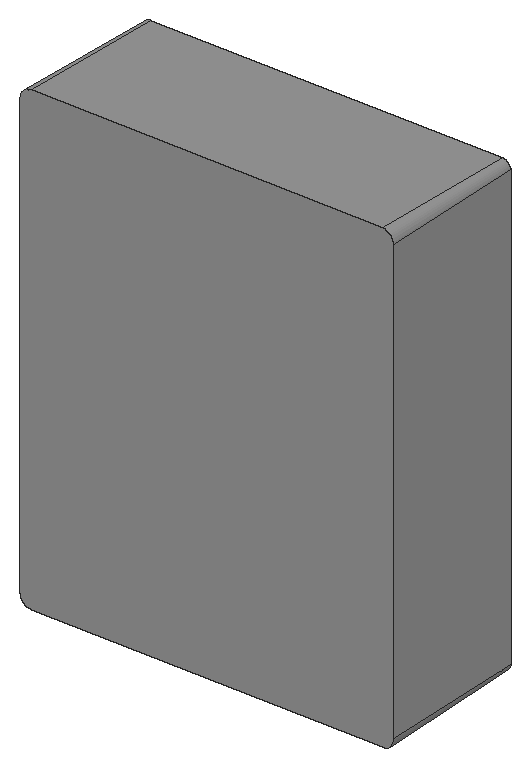
Revit family "L&L_LUCE&LIGHT_PASITO_MINI_1.2", category Lighting Fixtures, host Wall, Revit 2018 (continued)
Types (2, lengths in cm): name | Photometric Web File | built-in parameter 1150142
    0.00 0.00 0.00 0.00 0.00 0.00 0.00 0.00 \r\n0.00 0.00 0.00 0.00 0.00 0.00 0.00 0.00 0.00 0.00 0.00 \r\n0.00 0.00 0.00 0.00 0.00 0.00 0.00 0.00 0.00 0.00 0.00 \r\n0.00 0.00 0.00 0.00 0.00 0.00 0.00 0.00 0.00 0.00 0.00 \r\n0.00 0.00 0.00 0.00 0.00 0.00 0.00 0.00 0.00 0.00 0.00 \r\n0.00 0.00 0.00 0.00 0.00 0.00 0.00 0.00 0.00 0.00 0.00 \r\n0.00 0.00 0.00 0.00 0.00 \r\n0.00 0.00 0.00 0.00 0.00 0.00 0.00 0.00 0.00 0.00 0.00 \r\n0.00 0.00 0.00 0.00 0.00 0.00 0.00 0.00 0.00 0.00 0.00 \r\n0.00 0.00 0.00 0.00 0.00 0.00 0.00 0.00 0.00 0.00 0.00 \r\n0.00 0.00 0.00 0.00 0.00 0.00 0.00 0.00 0.00 0.00 0.00 \r\n0.00 0.00 0.00 0.00 0.00 0.00 0.00 0.00 0.00 0.00 0.00 \r\n0.00 0.00 0.00 0.00 0.00 0.00 0.00 0.00 0.00 0.00 0.00 \r\n0.00 0.00 0.00 0.00 0.00 0.00 0.00 0.00 0.00 0.00 0.00 \r\n0.00 0.00 0.00 0.00 0.00 0.00 0.00 0.00 0.00 0.00 0.00 \r\n0.00 0.00 0.00 0.00 0.00 0.00 0.00 0.00 0.00 0.00 0.00 \r\n0.00 0.00 0.00 0.00 0.00 0.00 0.00 0.00 0.00 0.00 0.00 \r\n0.00 0.00 0.00 0.00 0.00 0.00 0.00 0.00 0.00 0.00 0.00 \r\n0.00 0.00 0.00 0.00 0.00 0.00 0.00 0.00 0.00 0.00 0.00 \r\n0.00 0.00 0.00 0.00 0.00 0.00 0.00 0.00 0.00 0.00 0.00 \r\n0.00 0.00 0.00 0.00 0.00 0.00 0.00 0.00 0.00 0.00 0.00 \r\n0.00 0.00 0.00 0.00 0.00 0.00 0.00 0.00 0.00 0.00 0.00 \r\n0.00 0.00 0.00 0.00 0.00 0.00 0.00 0.00 0.00 0.00 0.00 \r\n0.00 0.00 0.00 0.00 0.00 \r\n0.00 0.00 0.00 0.00 0.00 0.00 0.00 0.00 0.00 0.00 0.00 \r\n0.00 0.00 0.00 0.00 0.00 0.00 0.00 0.00 0.00 0.00 0.00 \r\n0.00 0.00 0.00 0.00 0.00 0.00 0.00 0.00 0.00 0.00 0.00 \r\n0.00 0.00 0.00 0.00 0.00 0.00 0.00 0.00 0.00 0.00 0.00 \r\n0.00 0.00 0.00 0.00 0.00 0.00 0.00 0.00 0.00 0.00 0.00 \r\n0.00 0.00 0.00 0.00 0.00 0.00 0.00 0.00 0.00 0.00 0.00 \r\n0.00 0.00 0.00 0.00 0.00 0.00 0.00 0.00 0.00 0.00 0.00 \r\n0.00 0.00 0.00 0.00 0.00 0.00 0.00 0.00 0.00 0.00 0.00 \r\n0.00 0.00 0.00 0.00 0.00 0.00 0.00 0.00 0.00 0.00 0.00 \r\n0.00 0.00 0.00 0.00 0.00 0.00 0.00 0.00 0.00 0.00 0.00 \r\n0.00 0.00 0.00 0.00 0.00 0.00 0.00 0.00 0.00 0.00 0.00 \r\n0.00 0.00 0.00 0.00 0.00 0.00 0.00 0.00 0.00 0.00 0.00 \r\n0.00 0.00 0.00 0.00 0.00 0.00 0.00 0.00 0.00 0.00 0.00 \r\n0.00 0.00 0.00 0.00 0.00 0.00 0.00 0.00 0.00 0.00 0.00 \r\n0.00 0.00 0.00 0.00 0.00 0.00 0.00 0.00 0.00 0.00 0.00 \r\n0.00 0.00 0.00 0.00 0.00 0.00 0.00 0.00 0.00 0.00 0.00 \r\n0.00 0.00 0.00 0.00 0.00 \r\n0.00 0.00 0.00 0.00 0.00 0.00 0.00 0.00 0.00 0.00 0.00 \r\n0.00 0.00 0.00 0.00 0.00 0.00 0.00 0.00 0.00 0.00 0.00 \r\n0.00 0.00 0.00 0.00 0.00 0.00 0.00 0.00 0.00 0.00 0.00 \r\n0.00 0.00 0.00 0.00 0.00 0.00 0.00 0.00 0.00 0.00 0.00 \r\n0.00 0.00 0.00 0.00 0.00 0.00 0.00 0.00 0.00 0.00 0.00 \r\n0.00 0.00 0.00 0.00 0.00 0.00 0.00 0.00 0.00 0.00 0.00 \r\n0.00 0.00 0.00 0.00 0.00 0.00 0.00 0.00 0.00 0.00 0.00 \r\n0.00 0.00 0.00 0.00 0.00 0.00 0.00 0.00 0.00 0.00 0.00 \r\n0.00 0.00 0.00 0.00 0.00 0.00 0.00 0.00 0.00 0.00 0.00 \r\n0.00 0.00 0.00 0.00 0.00 0.00 0.00 0.00 0.00 0.00 0.00 \r\n0.00 0.00 0.00 0.00 0.00 0.00 0.00 0.00 0.00 0.00 0.00 \r\n0.00 0.00 0.00 0.00 0.00 0.00 0.00 0.00 0.00 0.00 0.00 \r\n0.00 0.00 0.00 0.00 0.00 0.00 0.00 0.00 0.00 0.00 0.00 \r\n0.00 0.00 0.00 0.00 0.00 0.00 0.00 0.00 0.00 0.00 0.00 \r\n0.00 0.00 0.00 0.00 0.00 0.00 0.00 0.00 0.00 0.00 0.00 \r\n0.00 0.00 0.00 0.00 0.00 0.00 0.00 0.00 0.00 0.00 0.00 \r\n0.00 0.00 0.00 0.00 0.00 \r\n0.00 0.00 0.00 0.00 0.00 0.00 0.00 0.00 0.00 0.00 0.00 \r\n0.00 0.00 0.00 0.00 0.00 0.00 0.00 0.00 0.00 0.00 0.00 \r\n0.00 0.00 0.00 0.00 0.00 0.00 0.00 0.00 0.00 0.00 0.00 \r\n0.00 0.00 0.00 0.00 0.00 0.00 0.00 0.00 0.00 0.00 0.00 \r\n0.00 0.00 0.00 0.00 0.00 0.00 0.00 0.00 0.00 0.00 0.00 \r\n0.00 0.00 0.00 0.00 0.00 0.00 0.00 0.00 0.00 0.00 0.00 \r\n0.00 0.00 0.00 0.00 0.00 0.00 0.00 0.00 0.00 0.00 0.00 \r\n0.00 0.00 0.00 0.00 0.00 0.00 0.00 0.00 0.00 0.00 0.00 \r\n0.00 0.00 0.00 0.00 0.00 0.00 0.00 0.00 0.00 0.00 0.00 \r\n0.00 0.00 0.00 0.00 0.00 0.00 0.00 0.00 0.00 0.00 0.00 \r\n0.00 0.00 0.00 0.00 0.00 0.00 0.00 0.00 0.00 0.00 0.00 \r\n0.00 0.00 0.00 0.00 0.00 0.00 0.00 0.00 0.00 0.00 0.00 \r\n0.00 0.00 0.00 0.00 0.00 0.00 0.00 0.00 0.00 0.00 0.00 \r\n0.00 0.00 0.00 0.00 0.00 0.00 0.00 0.00 0.00 0.00 0.00 \r\n0.00 0.00 0.00 0.00 0.00 0.00 0.00 0.00 0.00 0.00 0.00 \r\n0.00 0.00 0.00 0.00 0.00 0.00 0.00 0.00 0.00 0.00 0.00 \r\n0.00 0.00 0.00 0.00 0.00 \r\n0.00 0.00 0.00 0.00 0.00 0.00 0.00 0.00 0.00 0.00 0.00 \r\n0.00 0.00 0.00 0.00 0.00 0.00 0.00 0.00 0.00 0.00 0.00 \r\n0.00 0.00 0.00 0.00 0.00 0.00 0.00 0.00 0.00 0.00 0.00 \r\n0.00 0.00 0.00 0.00 0.00 0.00 0.00 0.00 0.00 0.00 0.00 \r\n0.00 0.00 0.00 0.00 0.00 0.00 0.00 0.00 0.00 0.00 0.00 \r\n0.00 0.00 0.00 0.00 0.00 0.00 0.00 0.00 0.00 0.00 0.00 \r\n0.00 0.00 0.00 0.00 0.00 0.00 0.00 0.00 0.00 0.00 0.00 \r\n0.00 0.00 0.00 0.00 0.00 0.00 0.00 0.00 0.00 0.01 0.01 \r\n0.01 0.01 0.01 0.01 0.01 0.01 0.01 0.01 0.01 0.01 0.01 \r\n0.01 0.01 0.01 0.01 0.01 0.01 0.01 0.01 0.01 0.00 0.00 \r\n0.00 0.00 0.00 0.00 0.00 0.00 0.00 0.00 0.00 0.00 0.00 \r\n0.00 0.00 0.00 0.00 0.00 0.00 0.00 0.00 0.00 0.00 0.00 \r\n0.00 0.00 0.00 0.00 0.00 0.00 0.00 0.00 0.00 0.00 0.00 \r\n0.00 0.00 0.00 0.00 0.00 0.00 0.00 0.00 0.00 0.00 0.00 \r\n0.00 0.00 0.00 0.00 0.00 0.00 0.00 0.00 0.00 0.00 0.00 \r\n0.00 0.00 0.00 0.00 0.00 0.00 0.00 0.00 0.00 0.00 0.00 \r\n0.00 0.00 0.00 0.00 0.00 \r\n0.00 0.00 0.00 0.00 0.00 0.00 0.00 0.00 0.01 0.01 0.01 \r\n0.01 0.01 0.01 0.02 0.02 0.02 0.02 0.03 0.04 0.04 0.05 \r\n0.06 0.06 0.07 0.08 0.09 0.10 0.12 0.13 0.14 0.16 0.17 \r\n0.19 0.21 0.23 0.25 0.28 0.31 0.34 0.37 0.41 0.44 0.48 \r\n0.52 0.56 0.60 0.63 0.66 0.70 0.73 0.77 0.81 0.85 0.89 \r\n0.93 0.97 1.01 1.04 1.07 1.10 1.12 1.14 1.16 1.19 1.21 \r\n1.23 1.25 1.27 1.29 1.31 1.33 1.34 1.36 1.37 1.38 1.39 \r\n1.39 1.38 1.38 1.38 1.37 1.35 1.34 1.32 1.29 1.26 1.23 \r\n1.19 1.16 1.12 1.09 1.06 1.02 0.98 0.94 0.88 0.81 0.73 \r\n0.66 0.59 0.53 0.47 0.42 0.37 0.33 0.30 0.27 0.24 0.22 \r\n0.20 0.18 0.16 0.15 0.14 0.12 0.12 0.11 0.10 0.09 0.08 \r\n0.08 0.07 0.06 0.06 0.06 0.05 0.05 0.04 0.04 0.04 0.04 \r\n0.03 0.03 0.03 0.03 0.03 0.02 0.02 0.02 0.02 0.02 0.02 \r\n0.02 0.02 0.01 0.01 0.01 0.01 0.01 0.01 0.01 0.01 0.01 \r\n0.01 0.01 0.01 0.01 0.01 0.01 0.01 0.01 0.01 0.00 0.00 \r\n0.00 0.00 0.00 0.00 0.00 0.00 0.00 0.00 0.00 0.00 0.00 \r\n0.00 0.00 0.00 0.00 0.00 \r\n0.00 0.00 0.00 0.00 0.00 0.01 0.01 0.01 0.01 0.02 0.02 \r\n0.03 0.04 0.05 0.06 0.07 0.09 0.10 0.12 0.13 0.15 0.17 \r\n0.19 0.21 0.24 0.26 0.29 0.33 0.36 0.40 0.44 0.49 0.54 \r\n0.59 0.64 0.71 0.77 0.85 0.93 1.02 1.11 1.22 1.33 1.46 \r\n1.59 1.73 1.86 2.00 2.13 2.27 2.41 2.54 2.66 2.78 2.89 \r\n2.99 3.09 3.18 3.26 3.34 3.42 3.49 3.57 3.64 3.71 3.78 \r\n3.84 3.90 3.95 3.99 4.03 4.06 4.08 4.09 4.09 4.08 4.06 \r\n4.03 3.99 3.95 3.89 3.82 3.74 3.66 3.56 3.46 3.36 3.25 \r\n3.15 3.04 2.92 2.81 2.68 2.55 2.42 2.28 2.13 1.98 1.82 \r\n1.67 1.51 1.36 1.22 1.09 0.96 0.85 0.76 0.68 0.60 0.54 \r\n0.49 0.44 0.40 0.36 0.33 0.30 0.27 0.25 0.22 0.21 0.19 \r\n0.17 0.16 0.15 0.14 0.13 0.12 0.11 0.10 0.09 0.09 0.08 \r\n0.07 0.07 0.07 0.06 0.06 0.05 0.05 0.05 0.04 0.04 0.04 \r\n0.04 0.03 0.03 0.03 0.03 0.03 0.02 0.02 0.02 0.02 0.02 \r\n0.02 0.02 0.01 0.01 0.01 0.01 0.01 0.01 0.01 0.01 0.01 \r\n0.01 0.01 0.01 0.01 0.01 0.01 0.00 0.00 0.00 0.00 0.00 \r\n0.00 0.00 0.00 0.00 0.00 \r\n0.00 0.00 0.00 0.00 0.01 0.01 0.02 0.02 0.03 0.04 0.06 \r\n0.07 0.09 0.11 0.12 0.14 0.16 0.18 0.21 0.24 0.28 0.32 \r\n0.37 0.43 0.49 0.55 0.62 0.69 0.77 0.86 0.95 1.05 1.15 \r\n1.26 1.38 1.51 1.65 1.80 1.94 2.10 2.27 2.46 2.66 2.85 \r\n3.04 3.24 3.44 3.64 3.84 4.03 4.21 4.36 4.50 4.64 4.76 \r\n4.88 5.00 5.13 5.25 5.36 5.47 5.58 5.68 5.77 5.86 5.95 \r\n6.02 6.09 6.16 6.21 6.25 6.28 6.29 6.29 6.28 6.25 6.20 \r\n6.13 6.05 5.95 5.84 5.71 5.56 5.41 5.24 5.06 4.88 4.69 \r\n4.50 4.31 4.11 3.91 3.71 3.52 3.32 3.13 2.94 2.75 2.56 \r\n2.38 2.19 2.01 1.83 1.66 1.49 1.34 1.20 1.08 0.97 0.87 \r\n0.78 0.71 0.64 0.58 0.52 0.48 0.43 0.40 0.36 0.33 0.30 \r\n0.28 0.26 0.24 0.22 0.21 0.19 0.18 0.16 0.15 0.14 0.13 \r\n0.12 0.11 0.11 0.10 0.09 0.09 0.08 0.07 0.07 0.07 0.06 \r\n0.06 0.05 0.05 0.05 0.04 0.04 0.04 0.04 0.03 0.03 0.03 \r\n0.03 0.02 0.02 0.02 0.02 0.02 0.02 0.02 0.01 0.01 0.01 \r\n0.01 0.01 0.01 0.01 0.01 0.01 0.01 0.01 0.01 0.00 0.00 \r\n0.00 0.00 0.00 0.00 0.00 \r\n0.00 0.00 0.00 0.01 0.01 0.02 0.03 0.04 0.06 0.08 0.09 \r\n0.11 0.13 0.15 0.18 0.21 0.26 0.31 0.37 0.44 0.51 0.59 \r\n0.67 0.76 0.87 1.00 1.12 1.23 1.31 1.45 1.67 1.84 1.98 \r\n2.21 2.44 2.67 2.88 3.08 3.26 3.44 3.60 3.75 3.91 4.09 \r\n4.23 4.37 4.50 4.63 4.75 4.87 4.97 5.10 5.24 5.37 5.49 \r\n5.60 5.71 5.88 6.04 6.14 6.21 6.29 6.41 6.57 6.69 6.78 \r\n6.85 6.93 7.03 7.14 7.23 7.31 7.51 7.92 8.49 9.41 11.02 \r\n13.96 18.44 23.87 29.14 33.43 36.12 36.97 35.91 32.90 \r\n28.05 21.87 15.24 9.10 4.44 4.18 3.93 3.68 3.43 3.19 3.00 \r\n2.81 2.63 2.44 2.19 1.99 1.87 1.76 1.66 1.55 1.42 1.30 \r\n1.19 1.09 1.00 0.91 0.83 0.76 0.69 0.63 0.58 0.53 0.49 \r\n0.45 0.42 0.39 0.36 0.33 0.30 0.28 0.26 0.24 0.23 0.21 \r\n0.20 0.18 0.17 0.16 0.15 0.14 0.13 0.12 0.11 0.11 0.10 \r\n0.09 0.09 0.08 0.07 0.07 0.07 0.06 0.06 0.05 0.05 0.05 \r\n0.04 0.04 0.04 0.03 0.03 0.03 0.03 0.03 0.02 0.02 0.02 \r\n0.02 0.02 0.02 0.01 0.01 0.01 0.01 0.01 0.01 0.01 0.01 \r\n0.01 0.01 0.00 0.00 0.00 0.00 0.00 \r\n0.00 0.00 0.00 0.01 0.02 0.03 0.04 0.06 0.08 0.10 0.12 \r\n0.14 0.18 0.22 0.28 0.35 0.42 0.50 0.58 0.68 0.79 0.92 \r\n1.05 1.16 1.34 1.56 1.79 2.10 2.75 3.25 5.77 7.33 5.51 \r\n5.96 8.80 12.30 13.79 9.86 6.33 8.64 12.83 14.22 11.36 \r\n9.67 12.18 16.39 18.29 16.00 19.10 22.82 26.46 28.86 \r\n31.20 35.54 40.25 46.44 51.26 56.48 61.81 68.36 75.01 \r\n80.62 86.64 93.07 101.16 110.31 118.02 126.77 135.38 \r\n142.98 151.45 159.78 167.22 175.27 184.08 192.81 202.45 \r\n213.50 224.73 233.70 237.59 233.80 220.68 199.35 171.77 \r\n140.19 107.02 74.84 45.86 22.06 5.32 4.85 4.38 3.92 3.45 \r\n3.11 2.92 2.73 2.54 2.35 2.21 2.07 1.94 1.80 1.67 1.57 \r\n1.47 1.37 1.27 1.14 1.03 0.96 0.92 0.87 0.82 0.76 0.70 \r\n0.64 0.59 0.54 0.50 0.47 0.43 0.40 0.38 0.35 0.33 0.31 \r\n0.29 0.27 0.25 0.23 0.22 0.21 0.19 0.18 0.17 0.16 0.15 \r\n0.14 0.13 0.12 0.11 0.11 0.10 0.09 0.09 0.08 0.07 0.07 \r\n0.06 0.06 0.06 0.05 0.05 0.05 0.04 0.04 0.04 0.03 0.03 \r\n0.03 0.03 0.02 0.02 0.02 0.02 0.02 0.01 0.01 0.01 0.01 \r\n0.01 0.01 0.01 0.01 0.01 0.00 0.00 0.00 0.00 \r\n0.00 0.00 0.00 0.01 0.02 0.04 0.06 0.08 0.10 0.12 0.15 \r\n0.20 0.26 0.33 0.41 0.50 0.59 0.70 0.84 1.00 1.14 1.29 \r\n1.52 1.82 2.31 5.60 16.04 30.73 41.95 46.92 51.70 59.90 \r\n63.16 63.11 63.00 66.61 73.14 75.58 73.07 72.56 73.91 \r\n76.56 77.52 78.55 80.75 83.18 84.91 86.86 89.63 92.80 \r\n96.15 99.70 103.19 106.39 109.13 111.62 114.00 116.41 \r\n118.89 121.47 124.03 126.51 128.89 131.24 133.57 135.91 \r\n138.26 140.68 143.26 146.11 149.23 152.62 156.23 160.09 \r\n164.31 168.89 173.73 178.61 182.82 184.19 180.39 168.75 \r\n147.91 119.90 88.94 59.55 35.91 20.07 10.81 6.03 3.94 \r\n3.75 3.52 3.27 3.02 2.83 2.66 2.50 2.34 2.15 1.96 1.83 \r\n1.74 1.68 1.61 1.53 1.43 1.33 1.24 1.16 1.09 1.03 0.97 \r\n0.92 0.86 0.80 0.75 0.70 0.65 0.61 0.57 0.53 0.50 0.47 \r\n0.44 0.41 0.38 0.36 0.34 0.32 0.30 0.28 0.26 0.25 0.23 \r\n0.22 0.21 0.19 0.18 0.17 0.16 0.15 0.14 0.13 0.12 0.12 \r\n0.11 0.10 0.10 0.09 0.08 0.08 0.07 0.07 0.06 0.06 0.05 \r\n0.05 0.04 0.04 0.04 0.03 0.03 0.03 0.03 0.02 0.02 0.02 \r\n0.02 0.01 0.01 0.01 0.01 0.01 0.01 0.01 0.01 0.01 0.00 \r\n0.00 0.00 \r\n0.00 0.00 0.01 0.02 0.03 0.05 0.08 0.09 0.12 0.15 0.21 \r\n0.28 0.36 0.45 0.54 0.66 0.81 0.97 1.09 1.30 1.66 1.97 \r\n3.89 7.65 23.28 40.30 46.77 47.98 50.83 54.23 57.13 59.29 \r\n61.68 64.11 65.75 66.49 66.94 67.95 69.46 71.06 72.67 \r\n74.30 75.92 77.50 79.31 81.64 84.27 86.93 89.52 91.96 \r\n94.24 96.48 98.98 101.81 104.79 107.74 110.57 113.22 \r\n115.67 117.91 120.04 122.15 124.23 126.23 128.14 129.98 \r\n131.78 133.59 135.46 137.48 139.75 142.29 145.04 147.99 \r\n151.23 154.30 156.25 155.79 151.61 142.66 129.12 111.31 \r\n89.76 66.04 42.82 22.79 9.41 7.82 6.31 4.84 3.40 3.21 \r\n3.03 2.84 2.65 2.51 2.37 2.23 2.09 2.04 1.94 1.80 1.66 \r\n1.53 1.43 1.35 1.29 1.23 1.17 1.11 1.06 1.00 0.95 0.90 \r\n0.85 0.81 0.76 0.72 0.68 0.64 0.61 0.57 0.54 0.51 0.48 \r\n0.45 0.43 0.40 0.38 0.36 0.34 0.32 0.30 0.29 0.27 0.26 \r\n0.24 0.23 0.22 0.20 0.19 0.18 0.17 0.16 0.15 0.14 0.13 \r\n0.12 0.12 0.11 0.10 0.09 0.09 0.08 0.07 0.07 0.06 0.06 \r\n0.05 0.05 0.04 0.04 0.04 0.03 0.03 0.03 0.02 0.02 0.02 \r\n0.02 0.02 0.01 0.01 0.01 0.01 0.01 0.01 0.01 0.00 0.00 \r\n0.00 \r\n0.00 0.00 0.01 0.02 0.04 0.07 0.09 0.11 0.14 0.20 0.27 \r\n0.36 0.45 0.56 0.70 0.87 1.00 1.20 1.64 2.03 3.79 11.22 \r\n27.45 39.83 44.79 47.32 49.59 52.16 54.99 57.38 59.20 \r\n60.68 61.63 62.03 62.84 64.41 66.13 67.64 69.07 70.34 \r\n71.59 73.20 74.95 76.65 78.43 80.36 82.27 84.06 85.82 \r\n87.75 90.05 92.53 95.10 97.64 99.93 101.93 103.74 105.53 \r\n107.45 109.42 111.24 112.94 114.66 116.53 118.49 120.52 \r\n122.58 124.71 126.95 129.16 131.05 132.38 133.25 134.00 \r\n134.71 135.38 135.02 131.75 124.20 110.61 92.35 71.81 \r\n51.70 34.43 20.96 11.17 5.06 4.01 3.66 3.31 2.98 2.82 \r\n2.67 2.51 2.33 2.08 1.98 1.95 1.91 1.84 1.73 1.62 1.51 \r\n1.41 1.34 1.27 1.21 1.16 1.10 1.05 1.01 0.97 0.93 0.89 \r\n0.85 0.81 0.77 0.74 0.70 0.67 0.64 0.61 0.58 0.55 0.53 \r\n0.50 0.47 0.45 0.42 0.40 0.38 0.36 0.34 0.32 0.31 0.29 \r\n0.27 0.26 0.25 0.24 0.22 0.21 0.20 0.19 0.18 0.17 0.16 \r\n0.15 0.14 0.13 0.12 0.11 0.10 0.09 0.09 0.08 0.08 0.07 \r\n0.06 0.06 0.05 0.05 0.04 0.04 0.03 0.03 0.03 0.03 0.02 \r\n0.02 0.02 0.01 0.01 0.01 0.01 0.01 0.01 0.01 0.01 0.00 \r\n0.00 \r\n0.00 0.00 0.01 0.02 0.05 0.08 0.10 0.12 0.18 0.25 0.33 \r\n0.43 0.55 0.70 0.87 1.00 1.30 1.62 2.94 8.55 23.20 36.02 \r\n42.45 45.01 46.77 48.91 51.50 53.68 55.19 56.25 56.75 \r\n57.22 58.36 60.12 61.76 63.18 64.37 65.55 67.00 68.58 \r\n70.02 71.41 72.92 74.47 75.76 76.98 78.63 80.44 82.22 \r\n84.12 86.15 88.10 89.82 91.40 92.93 94.47 95.93 97.27 \r\n98.54 99.75 100.97 102.32 103.78 105.23 106.59 108.01 \r\n109.53 111.05 112.49 113.86 115.12 116.36 117.72 119.05 \r\n119.53 118.07 113.47 104.80 92.19 76.38 58.38 40.24 24.21 \r\n12.69 7.82 5.08 3.66 3.12 2.95 2.78 2.61 2.39 2.28 2.21 \r\n2.14 2.04 1.93 1.83 1.74 1.65 1.58 1.50 1.43 1.36 1.29 \r\n1.23 1.17 1.12 1.07 1.03 1.00 0.96 0.93 0.90 0.87 0.84 \r\n0.81 0.77 0.74 0.71 0.68 0.66 0.63 0.60 0.57 0.55 0.52 \r\n0.49 0.47 0.44 0.42 0.40 0.38 0.36 0.34 0.33 0.31 0.29 \r\n0.28 0.27 0.25 0.24 0.23 0.21 0.20 0.19 0.18 0.17 0.16 \r\n0.15 0.14 0.13 0.12 0.11 0.10 0.09 0.09 0.08 0.07 0.07 \r\n0.06 0.05 0.05 0.04 0.04 0.04 0.03 0.03 0.02 0.02 0.02 \r\n0.02 0.01 0.01 0.01 0.01 0.01 0.01 0.01 0.00 0.00 \r\n0.00 0.00 0.01 0.03 0.06 0.09 0.11 0.15 0.22 0.30 0.39 \r\n0.51 0.66 0.82 0.98 1.24 1.66 2.60 12.36 28.00 38.86 \r\n42.50 44.24 46.10 48.40 50.65 51.91 52.61 52.92 53.00 \r\n53.71 55.24 56.82 57.95 58.98 60.06 61.38 62.86 64.33 \r\n65.74 67.26 68.54 69.47 70.73 72.26 73.68 75.17 76.71 \r\n78.06 79.22 80.34 81.44 82.41 83.39 84.39 85.33 86.23 \r\n87.11 87.96 88.85 89.76 90.65 91.61 92.69 93.79 94.85 \r\n95.88 97.03 98.26 99.32 100.04 100.61 101.23 101.53 \r\n100.62 97.08 90.08 79.41 65.94 51.30 36.94 24.12 13.83 \r\n6.66 3.96 3.49 3.06 2.71 2.58 2.45 2.33 2.14 2.06 2.03 \r\n1.97 1.89 1.79 1.70 1.62 1.56 1.49 1.43 1.37 1.32 1.27 \r\n1.22 1.17 1.13 1.08 1.04 1.00 0.97 0.94 0.91 0.89 0.86 \r\n0.83 0.80 0.78 0.75 0.72 0.70 0.67 0.64 0.62 0.59 0.56 \r\n0.54 0.52 0.49 0.46 0.44 0.42 0.40 0.38 0.36 0.34 0.33 \r\n0.31 0.29 0.28 0.27 0.25 0.24 0.23 0.21 0.20 0.19 0.18 \r\n0.17 0.16 0.14 0.13 0.12 0.11 0.11 0.10 0.09 0.08 0.07 \r\n0.07 0.06 0.05 0.05 0.04 0.04 0.03 0.03 0.03 0.02 0.02 \r\n0.02 0.02 0.01 0.01 0.01 0.01 0.01 0.01 0.00 0.00 \r\n0.00 0.00 0.01 0.03 0.07 0.09 0.12 0.17 0.25 0.34 0.45 \r\n0.59 0.75 0.90 1.13 1.53 2.59 12.81 29.47 39.83 42.10 \r\n43.69 45.55 47.84 49.53 50.33 50.73 50.46 50.64 51.68 \r\n52.94 53.81 54.59 55.35 56.32 57.61 58.85 60.05 61.41 \r\n62.69 63.53 64.82 66.33 67.65 69.04 70.29 71.29 72.17 \r\n73.03 73.80 74.43 75.00 75.63 76.24 76.90 77.49 78.08 \r\n78.91 79.88 80.70 81.35 81.96 82.56 83.25 84.00 84.73 \r\n85.47 86.24 86.84 87.05 87.13 87.48 87.89 87.33 85.82 \r\n80.23 70.88 59.04 45.90 32.36 19.73 9.81 5.67 4.26 3.03 \r\n2.64 2.51 2.39 2.21 2.14 2.10 2.04 1.96 1.88 1.80 1.74 \r\n1.67 1.61 1.54 1.48 1.42 1.37 1.33 1.29 1.26 1.22 1.18 \r\n1.14 1.09 1.05 1.00 0.97 0.94 0.91 0.89 0.86 0.84 0.82 \r\n0.79 0.76 0.74 0.71 0.69 0.66 0.64 0.61 0.59 0.57 0.54 \r\n0.52 0.50 0.47 0.45 0.43 0.41 0.39 0.37 0.35 0.34 0.32 \r\n0.30 0.29 0.27 0.26 0.25 0.23 0.22 0.21 0.20 0.18 0.17 \r\n0.16 0.15 0.14 0.13 0.12 0.11 0.10 0.09 0.08 0.08 0.07 \r\n0.06 0.05 0.05 0.04 0.04 0.03 0.03 0.03 0.02 0.02 0.02 \r\n0.01 0.01 0.01 0.01 0.01 0.01 0.00 0.00 \r\n0.00 0.00 0.01 0.04 0.0
